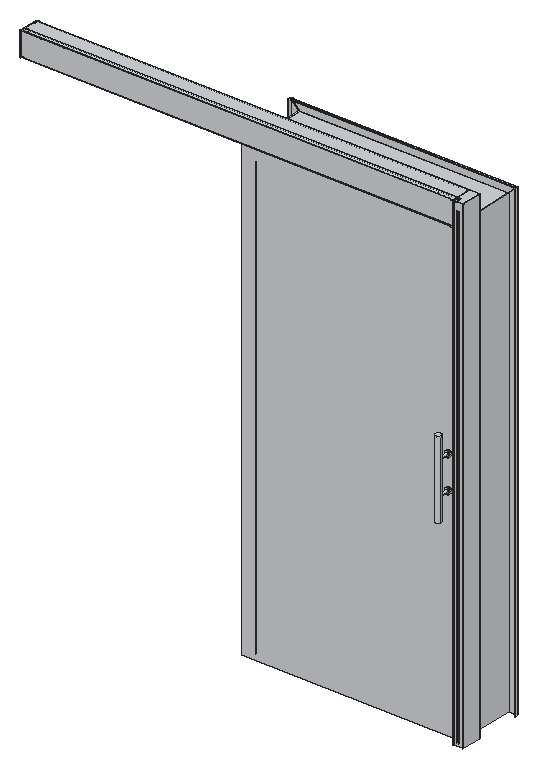
Revit family "R0000106", category Türen, Revit 2021 (continued)
Definition of nested family "BOS-Anschlagprofil-(w)SvdW-D(SK2)_Modell-21"
  Automatic sketch dimensions
    plane 1 "Vorne" to Extrusion 2 sketch curve = 1 mm  (x2)
    plane 3 "LDB links/rechts" to Extrusion 2 sketch curve = 45 mm
    Extrusion 2 sketch curve to Extrusion 2 sketch curve = 1 mm  (x4)
    Extrusion 2 sketch curve to plane 3 "LDB links/rechts" = 0.5 mm  (x2)
    Extrusion 2 sketch curve to Extrusion 2 sketch curve = 93 mm
    Extrusion 2 sketch curve to Extrusion 2 sketch curve = 0 mm
Definition of nested family "JW-Türblatt-Schiebetürzargen_Modell-21"
  Parameters (values of type "JW Typ42 SK2 Professional")
    Default Elevation = 1219.2 mm
    URL = "www.jeld-wen.de"
    Türblattreferenz = 945 mm
    Material - Türgriff = none
    Grifftiefe = 46 mm
    Griffradius = 12.5 mm
    Jeld-Wen Mediaportal = "https://oxomi.com/p/2025099"
    Jeld-Wen Architektenberatung = "Tel.: +49 9082 71333; E-Mail: architekten@jeldwen.com"
    Grifflänge = 350 mm
    Dornmaß = 55 mm
    Griffposition = if(DIN links, Dornmaß, TAB Türblatt Außenmaß Breite - Dornmaß)  # 930 mm
    Griffhöhe = 993 mm
    Führungsnuttiefe = 36 mm
    Griffstange = 1 < 2  # yes
    Türblattstärke = 42 mm
    Türblattabstand unten = 9.5 mm  # constant formula
    TAH Türblatt Außenmaß Höhe = 2110 mm
    TAB Türblatt Außenmaß Breite = 985 mm
    Rechtliche Hinweise = ""
    Model = ""
    Material - Türblatt = none
    Manufacturer = "JELD-WEN Deutschland GmbH & Co. KG"
    Führungsnutbreite = 18 mm
    DIN rechts = yes
    DIN links = no
    Description = "Holztürblatt für Schiebetüren"
    Bekleidung = 1 mm
    Keynote = "JW Türblattmodell"
    Aufdopplungstiefe = 3 mm
    Aufdopplungslage = 240 mm
    Aufdopplungsbreite = 40 mm
    Aufdopplung = yes
  Reference planes
    plane 1: y = 109
    plane 2: z = 0
    plane 3: x = 31
    plane 4: x = 1016
    plane 5: y = 130
    plane 6: y = 88
    plane 7: z = 9.5
    plane 8: z = 2119.5
    plane 9: z = 1002.5
    plane 10 "Griff": x = 961
    plane 11 "LDB links": x = 71
    plane 12: x = 1015
    plane 13: x = 32
  Forms (mm)
    Extrusion 1, solid, material <- "Material - Türblatt", detail levels medium+fine
      sketch origin (0, 0, 0) x (1, 0, 0) y (0, 1, 0)
        loop
          line (31, 130) -> (31, 88) -> (1016, 88) -> (1016, 130) -> (31, 130)
      from 9.5 to 2119.5
    Extrusion 2, void
      sketch origin (31, -12.856, 0) x (0, 1, 0) y (0, 0, 1)
        loop
          line (130.856, 45.5) -> (112.856, 45.5) -> (112.856, 9.5) -> (130.856, 9.5) -> (130.856, 45.5)
      from 1 to 984
    Extrusion 3, solid, material <- "Material - Türblatt", visible <- "Aufdopplung", detail levels fine
      sketch origin (0, 0, 0) x (1, 0, 0) y (0, 1, 0)
        loop
          line (736, 133) -> (736, 130) -> (776, 130) -> (776, 133) -> (736, 133)
      from 9.5 to 2119.5
  Cuts and joins
    Extrusion 2 cuts Extrusion 1
  Dimensions and locks
    "Türblattstärke": plane 5 to plane 6
    "Türblattabstand unten": plane 7 to plane 2
    "TAB Türblatt Außenmaß Breite": plane 3 to plane 4
    "TAH Türblatt Außenmaß Höhe": plane 8 to plane 7
    equal spacing: plane 5, plane 1, plane 6
    "Griffposition": plane 3 to plane 10 "Griff"
    "Türblattreferenz": plane 11 "LDB links" to plane 4
    "Aufdopplungstiefe": Extrusion 3 sketch curve to Extrusion 3 sketch curve
    "Aufdopplungsbreite": Extrusion 3 sketch curve to Extrusion 3 sketch curve
    "Aufdopplungslage": Extrusion 3 to plane 4
    "Griffhöhe": plane 9 to plane 7
    "Führungsnutbreite": Extrusion 2 sketch curve to Extrusion 2 sketch curve
    equal spacing: Extrusion 2 sketch curve, plane 1, Extrusion 2 sketch curve
    "Führungsnuttiefe": Extrusion 2 sketch curve to Extrusion 2 sketch curve
    "Bekleidung": plane 3 to plane 13
    "Bekleidung": plane 12 to plane 4
    aligned and locked: level to plane 2
    aligned and locked: Extrusion 1 sketch curve to plane 4
    aligned and locked: Extrusion 1 sketch curve to plane 5
    aligned and locked: Extrusion 1 sketch curve to plane 6
    aligned and locked: plane 3 to Extrusion 1 sketch curve
    aligned and locked: Extrusion 1 to plane 7
    aligned and locked: Extrusion 1 to plane 8
    aligned and locked: plane 5 to Extrusion 3 sketch curve
    aligned and locked: Extrusion 3 to plane 8
    aligned and locked: plane 7 to Extrusion 2 sketch curve
    aligned and locked: plane 6 to nested 1
    aligned and locked: plane 5 to nested 2
    aligned and locked: nested 2 to plane 10 "Griff"
    aligned and locked: nested 1 to plane 10 "Griff"
    aligned and locked: plane 9 to nested 2
    aligned and locked: plane 9 to nested 1
    aligned and locked: Extrusion 3 to plane 7
    aligned and locked: plane 12 to Extrusion 2
    aligned and locked: Extrusion 2 to plane 13
  Automatic sketch dimensions
    Extrusion 3 sketch curve to plane 10 "Griff" = 225 mm
  Nested families
    nested 1: "JW-Griffstange_Modell-21" at (961, 88, 1002.5), visible <- "Griffstange", type "JW-Griffstange_Modell-21", detail levels fine
      with Grifftiefe 46 mm
    nested 2: "JW-Griffstange_Modell-21" at (961, 130, 1002.5) x (-1, 0, 0) z (0, 0, 1), visible <- "Griffstange", type "JW-Griffstange_Modell-21", detail levels fine
      with Grifftiefe 46 mm
  Definition of nested family "JW-Griffstange_Modell-21"
    Parameters (values of type "JW-Griffstange_Modell-21")
      Default Elevation = 0 mm
      URL = "www.jeld-wen.de"
      Material - Türgriff = none
      Manufacturer = "JELD-WEN Deutschland GmbH & Co. KG"
      Griffradius = 12.5 mm
      Grifflänge = 350 mm
      Grifftiefe = 60 mm
      Model = ""
      Description = "Griffstange"
      Keynote = "JW Modell"
      Jeld-Wen Architektenberatung = "Tel.: +49 9082 71333; E-Mail: architekten@jeldwen.com"
      Jeld-Wen Mediaportal = "https://oxomi.com/p/2025099"
      Abstand = 150 mm
    Reference planes
      plane 1: y = 0
      plane 2: z = 0
      plane 3: x = 0
      plane 4: z = 75
      plane 5: z = -75
      plane 6: y = -60
      plane 7: z = 175
      plane 8: z = -175
    Forms (mm)
      Extrusion 1, solid, material <- "Material - Türgriff"
        sketch origin (0, 0, -30) x (1, 0, 0) y (0, 0, 1)
          loop
            circle (0, 105) r 12.5
          loop
            circle (0, -45) r 12.5
        from 0 to 10
      Extrusion 2, solid, material <- "Material - Türgriff"
        sketch origin (0, 0, 0) x (1, 0, 0) y (0, 1, 0)
          loop
            circle (0, -60) r 12.5
        from -175 to 175
      Extrusion 3, solid, material <- "Material - Türgriff"
        sketch origin (0, 0, 0) x (1, 0, 0) y (0, 0, 1)
          loop
            circle (0, 75) r 5
          loop
            circle (0, -75) r 5
        from 10 to 60
    Cuts and joins
      joined: Extrusion 1, Extrusion 2, Extrusion 3
    Dimensions and locks
      equal spacing: plane 4, plane 2, plane 5
      "Abstand": plane 4 to plane 5
      equal spacing: plane 7, plane 2, plane 8
      "Grifflänge": plane 7 to plane 8
      "Grifftiefe": plane 1 to plane 6
      "Griffradius": radius of Extrusion 2 sketch curve
      "Griffradius": radius of Extrusion 1 sketch curve  (x2)
      aligned and locked: Extrusion 2 to plane 8
      aligned and locked: plane 7 to Extrusion 2
      aligned and locked: plane 6 to Extrusion 3
      aligned and locked: Extrusion 3 to Extrusion 1
    Automatic sketch dimensions
      Extrusion 3 sketch curve to plane 3 = 0 mm  (x2)
      Extrusion 3 sketch curve to plane 5 = 0 mm
      Extrusion 3 sketch curve to plane 4 = 0 mm
      Extrusion 1 sketch curve to plane 3 = 0 mm  (x2)
      Extrusion 1 sketch curve to plane 5 = 0 mm
      Extrusion 1 sketch curve to plane 4 = 0 mm
      Extrusion 2 sketch curve to plane 3 = 0 mm
      plane 6 to Extrusion 2 sketch curve = 0 mm
      radius of Extrusion 3 sketch curve = 5 mm  (x2)
Definition of nested family "BOS-Info-Texte_Beschriftung-21"
  Parameters (values of type "Drückerhöhe Warnung")
    Unten = yes
    Schwarz = yes
    Rot = no
    Oben = no
    Info-Text En unten = "Please take the handle depth/height and/or DIN opening direction into account!"
    Info-Text De unten = "Drückertiefen/-höhen und/oder DIN Richtungen beachten/anpassen!"
    Info-Text En oben = "Kein Text"
    Englisch unten rot = and(and(Unten, Englisch), Rot)  # no
    Englisch unten schwarz = and(and(Unten, Englisch), Schwarz)  # no
    Englisch oben rot = and(and(Oben, Englisch), Rot)  # no
    Englisch oben schwarz = and(and(Oben, Englisch), Schwarz)  # no
    Info-Text De oben = "Kein Text"
    Warndreieck = yes
    Fehlerkreis = no
    Englisch = no
    Deutsch unten rot = and(and(Unten, Deutsch), Rot)  # no
    Deutsch unten schwarz = and(and(Unten, Deutsch), Schwarz)  # yes
    Deutsch oben rot = and(and(Oben, Deutsch), Rot)  # no
    Deutsch oben schwarz = and(and(Oben, Deutsch), Schwarz)  # no
    Deutsch = not(Englisch)  # yes
    Ausrufezeichen = "!"
  Types (15, lengths in mm): name | Unten | Schwarz | Rot | Oben | Info-Text En unten | Info-Text De unten | Info-Text En oben | Info-Text De oben | Warndreieck | Fehlerkreis | Deutsch unten schwarz | Deutsch oben rot | Deutsch oben schwarz
    Rechtliche Hinweise | no | yes | no | yes | "Kein Text" | "Kein Text" | "In accordance with the protection note according to DIN 34, the ownership and copyrights are reserved!\r\n© 2016 BOS GmbH, Emsdetten, Germany -\r\nObserve the ISO 16016 protective label (see ID data)!\r\n\r\nSubject to technical change!" | "Entsprechend dem Schutzvermerk nach DIN 34 behalten wir uns Eigentum und Urheberrecht vor!\r\n© 2016 BOS GmbH, Emsdetten, Deutschland -\r\nSchutzvermerk ISO 16016 beachten (siehe ID-Daten)!\r\n\r\nTechnische Änderungen vorbehalten!" | no | no | no | no | yes
    Maulweite Fehlermeldung | no | yes | no | yes | "Kein Text" | "Kein Text" | "Check the wall thickness!" | "Wandstärke prüfen!" | no | yes | no | no | yes
    Verstellbereich | no | yes | no | yes | "Kein Text" | "Kein Text" | "Adjustment area from -5 to +15mm,\r\nother adjustment areas possible" | "Verstellbereich von -5 bis +15mm\r\nanderer Verstellbereich möglich" | no | no | no | no | yes
    Verstellbereich wSvdW | no | yes | no | yes | "Kein Text" | "Kein Text" | "Adjustment area in the soffit from -2 to +15mm,\r\nother adjustment areas possible" | "Verstellbereich in der Zargenleibung von -2 bis +15mm\r\nanderer Verstellbereich möglich" | no | no | no | no | yes
    Wandartauswahl 15Nz15Z | no | yes | no | yes | "Kein Text" | "Kein Text" | "Attention for stud walls: underlay from site required!\r\nFor DIN door leaves, select larger structural wall measurements.\r\nFor selection \"stud walls\":\r\nsee 'Features' (remove tick for brick walls)" | "Achtung bei Ständerwerk: bauseitige Unterfütterung erforderlich!\r\nBei DIN-Türblatt Rohbaumaße größer wählen.\r\nFür Auswahl \"Ständerwerk\": \r\nsiehe 'Eigenschaften' (Häkchen entfernen bei Mauerwerk)." | no | no | no | no | yes
    Technische Hinweise | no | yes | no | yes | "Kein Text" | "Kein Text" | "Due to manufacturing reasons this Revit family may not be changed\r\nwithout consulting BOS!\r\n\r\nDo not mirror frames (door list)!\r\nsee ‘Features’: DIN left / DIN right\r\n\r\nThe solid and stud walls or, for example, their profiles,\r\nmust be designed so that they can reliably and sustainably\r\nabsorb the static and dynamic forces resulting\r\nfrom the load on the door element used." | "Diese Revit-Familie darf aus fertigungstechnischen Gründen\r\nnicht ohne Rücksprache mit BOS abgeändert werden!\r\n\r\nZargen nicht spiegeln (Türliste)!\r\nsiehe 'Eigenschaften': DIN links / DIN rechts\r\n\r\nDie Massiv- und Ständerwerkswände bzw. deren Profile\r\nmüssen so ausgebildet sein, dass sie die statischen\r\nund dynamischen Kräfte, welche sich aus der Belastung\r\ndes verwendeten Türelements ergeben, zuverlässig\r\nund nachhaltig aufnehmen können." | no | no | no | no | yes
    Drückerhöhe Warnung | yes | yes | no | no | "Please take the handle depth/height and/or DIN opening direction into account!" | "Drückertiefen/-höhen und/oder DIN Richtungen beachten/anpassen!" | "Kein Text" | "Kein Text" | yes | no | yes | no | no
    Maulweite-Dehnungsfuge Fehlermeldung | no | yes | no | yes | "Kein Text" | "Kein Text" | "Check the wall thickness and/or expansion joint!" | "Wandstärke und/oder Dehnungsfuge prüfen!" | no | yes | no | no | yes
    Technische Hinweise Norm | no | yes | no | yes | "Kein Text" | "Kein Text" | "Due to manufacturing reasons this Revit family may not be changed\r\nwithout consulting BOS!\r\n\r\nThe solid and stud walls or, for example, their profiles,\r\nmust be designed so that they can reliably and sustainably\r\nabsorb the static and dynamic forces resulting\r\nfrom the load on the door element used." | "Diese Revit-Familie darf aus fertigungstechnischen Gründen\r\nnicht ohne Rücksprache mit BOS abgeändert werden!\r\n\r\nDie Massiv- und Ständerwerkswände bzw. deren Profile\r\nmüssen so ausgebildet sein, dass sie die statischen\r\nund dynamischen Kräfte, welche sich aus der Belastung\r\ndes verwendeten Türelements ergeben, zuverlässig\r\nund nachhaltig aufnehmen können." | no | no | no | no | yes
    Maßauswahl | no | no | yes | yes | "Kein Text" | "Kein Text" | "To choose  Rebate Width/Height Measurement, Receiving Opening\r\nsee 'Features'" | "Auswahl von FMB, FMH, MW\r\nunter 'Eigenschaften'" | no | no | no | yes | no
    Rohbaumaß Warnung (Spiegelbreiten) | no | yes | no | yes | "Kein Text" | "Kein Text" | "For DIN door leaves, select larger structural wall measurements!\r\nWhen changing the architrave widths, the structural measurements change accordingly." | "Bei DIN-Türblatt Rohbaumaße größer wählen!\r\nBei Änderung der Spiegelbreiten, Rohbaumaße beachten." | no | no | no | no | yes
    Drehpunkt Warnung | no | yes | no | yes | "Kein Text" | "Kein Text" | "The actual pivot point of the door leaf\r\nmay differ from the one illustrated!" | "Der tatsächliche Drehpunkt des Türblattes\r\nkann von der Darstellung abweichen!" | no | no | no | no | yes
    Türblattgewicht Hinweis | no | yes | no | yes | "Kein Text" | "Kein Text" | "Attention! Take door leaf weight into account!\r\nSee Webseite" | "Achtung! Türblattgewicht beachten!\r\nSiehe Webseite" | no | no | no | no | yes
    Pendeltürbänder Hinweis | no | yes | no | yes | "Kein Text" | "Kein Text" | "Please observe the instructions for the double action spring hinges\r\ngiven by the door hinge manufacturer Frivado\r\nregarding door leaf width, height and thickness!" | "Die Angaben zu den Pendeltürbändern\r\ndes Herstellers Fridavo beachten: zu \r\nTürblattbreite, -höhe, -dicke und -gewicht!" | no | no | no | no | yes
    Rohbaumaß Warnung | no | yes | no | yes | "Kein Text" | "Kein Text" | "For DIN door leaves, select larger structural wall measurements!" | "Bei DIN-Türblatt Rohbaumaße größer wählen!" | no | no | no | no | yes
  Reference planes
    plane 1: y = 0.955
    plane 2: x = 0
  Lines and regions (mm)
    Filled region 1, type "Gefüllter Bereich Gelb", visible <- "Warndreieck"
      outline origin (-7.188, 1.747, 0) x (1, 0, 0) y (0, 1, 0)
        loop
          line (5.951, -3.033) -> (8.413, -3.033) -> (7.182, -0.9) -> (5.951, -3.033)
    Filled region 2, type "Gefüllter Bereich Rot", visible <- "Fehlerkreis"
      outline origin (0, -3.763, 0) x (1, 0, 0) y (0, 1, 0)
        loop
          circle (0, 3.1) r 1.5
        loop
          line (-0.937, 3.486) -> (-0.937, 2.686) -> (1.023, 2.686) -> (1.023, 3.486) -> (-0.937, 3.486)
    Filled region 3, type "Gefüllter Bereich Weiss", visible <- "Fehlerkreis"
      outline origin (-7.014, -2.062, 0) x (1, 0, 0) y (0, 1, 0)
        loop
          line (6.077, 1.785) -> (6.077, 0.985) -> (8.038, 0.985) -> (8.038, 1.785) -> (6.077, 1.785)
  Text (mm)
    label "Info-Text De oben schwarz" at (0.065, 1.415, 0), shows "Info-Text De oben", visible <- "Deutsch oben schwarz"
    label "!" at (0.065, -0.414, 0), shows "Ausrufezeichen", visible <- "Warndreieck"
    label "Info-Text En oben schwarz" at (0.065, 1.415, 0), shows "Info-Text En oben", visible <- "Englisch oben schwarz"
    label "Info-Text De unten schwarz" at (0.218, -2.468, 0), shows "Info-Text De unten", visible <- "Deutsch unten schwarz"
    label "Info-Text En unten schwarz" at (0.065, -2.419, 0), shows "Info-Text En unten", visible <- "Englisch unten schwarz"
    label "Info-Text En oben rot" at (0.065, 1.415, 0), shows "Info-Text En oben", visible <- "Englisch oben rot"
    label "Info-Text En unten rot" at (0.065, -2.419, 0), shows "Info-Text En unten", visible <- "Englisch unten rot"
    label "Info-Text De unten rot" at (0.065, -2.419, 0), shows "Info-Text De unten", visible <- "Deutsch unten rot"
    label "Info-Text De oben rot" at (-0.371, 1.396, 0), shows "Info-Text De oben", visible <- "Deutsch oben rot"
Definition of nested family "BOS-verkröpfter-Flachstahlanker-wSvdW_Detail-21"
  Parameters (values of type "BOS-verkröpfter-Flachstahlanker-wSvdW-links_Detail")
    Winkel vertikal = 28 mm
    Winkel horizontal = 20 mm
    Unterfütterungsabstand vorne = Putzwinkel vorne + 30 mm  # 47 mm
    Unterfütterungsabstand hinten = Putzwinkel hinten + 30 mm  # 45 mm
    URL = "www.BestOfSteel.de"
    Rechtliche Hinweise = "www.BestOfSteel.de/tools-downloads/bim-building-information-modeling"
    Putzwinkel vorne = 17 mm
    Technische Infos rund um die Stahlzarge = "www.BestOfSteel.de/tools-downloads/technische-infos-rund-um-die-stahlzarge"
    Putzwinkel hinten = 15 mm
    Manufacturer = "BOS GmbH Best Of Steel, Lütkenfelde 4, D-48282 Emsdetten"
    MW Maulweite = 200 mm
    Einfügepunkt = 32 mm
    Zargenblechstärke = 1.5 mm
    Description = "Verkröpfter Flachstahlanker für 2-schalige Schiebetür vor der Wand"
    Keynote = "BOS Detail"
    BOS-Architekten-Beratung = "Tel.: +49 (0) 2572 203-203; E-Mail: architekten@BestOfSteel.de"
    Ankerlasche vorne oben = 11 mm
    Ankerlasche hinten = MW Maulweite + if([Anker nach unten - links], -8 mm, 2 mm)  # 192 mm
    Ankerhöhe = 17.5 mm
    Ankerlasche vorne unten = 11 mm
    Ankerabstand vorne = if([Anker nach unten - links], 8 mm, 0 mm)  # 8 mm
    Anker nach unten - rechts = not([Anker nach unten - links])  # no
    Anker nach unten - links = yes
  Types (2): name
    BOS-verkröpfter-Flachstahlanker-wSvdW-rechts_Detail
    BOS-verkröpfter-Flachstahlanker-wSvdW-links_Detail
  Reference planes
    plane 1: y = 7.65
    plane 2: z = 0
    plane 3: x = 0
    plane 4: x = 32
    plane 5: y = 222.65
    plane 6: x = 13
    plane 7: y = 37.65
    plane 8: y = 177.65
    plane 9: y = -9.35
    plane 10: y = 106.65
    plane 11: y = 207.65
    plane 12: x = 30.5
    plane 13: x = 29
    plane 14: y = 15.65
    plane 15: y = 26.65
    plane 16: y = 207.65
    plane 17: y = 7.65
    plane 18: y = 18.65
  Lines and regions (mm)
    detail lines, in view "Ref.-Ebene"
      curve 1: line (0, 177.65, 0) -> (13, 177.65, 0)
      curve 2: line (0, 37.65, 0) -> (0, 177.65, 0)
      curve 3: line (13, 37.65, 0) -> (0, 37.65, 0)
      curve 4: line (13, 177.65, 0) -> (13, 37.65, 0)
      curve 5: line (0, 37.65, 0) -> (13, 177.65, 0)
      curve 6: line (0, 177.65, 0) -> (13, 37.65, 0)
      curve 7: arc (13, 19.65, 0) -> (14.172, 16.822, 0) -> (17, 15.65, 0) r 4
      curve 8: arc (16, 19.65, 0) -> (16.293, 18.943, 0) -> (17, 18.65, 0) r 1
      curve 11: line (13, 19.65, 0) -> (13, 207.65, 0)
      curve 12: line (13, 207.65, 0) -> (16, 207.65, 0)
      curve 13: line (16, 207.65, 0) -> (16, 19.65, 0)
      curve 17: line (26.5, 18.65, 0) -> (17, 18.65, 0)
      curve 18: line (26.5, 15.65, 0) -> (17, 15.65, 0)
      curve 24: line (26.5, 186.15, 0) -> (26.5, 216.15, 0)
      curve 25: line (27.5, 216.15, 0) -> (22.5, 216.15, 0)
      curve 26: line (22.5, 216.15, 0) -> (22.5, 221.15, 0)
      curve 27: line (22.5, 221.15, 0) -> (7.5, 221.15, 0)
      curve 28: line (7.5, 221.15, 0) -> (7.5, 191.15, 0)
      curve 29: line (7.5, 191.15, 0) -> (12.5, 196.15, 0)
      curve 30: line (12.5, 196.15, 0) -> (12.5, 216.15, 0)
      curve 31: line (12.5, 216.15, 0) -> (16.5, 216.15, 0)
      curve 32: line (16.5, 216.15, 0) -> (16.5, 196.15, 0)
      curve 33: line (16.5, 196.15, 0) -> (26.5, 186.15, 0)
      curve 34: line (26.5, 186.15, 0) -> (27.5, 186.15, 0)
      curve 35: line (27.5, 186.15, 0) -> (27.5, 216.15, 0)
    detail lines, in view "Ref.-Ebene", visible <- "Anker nach unten - links"
      curve 9: arc (30.5, 14.65, 0) -> (29.328, 17.479, 0) -> (26.5, 18.65, 0) r 4
      curve 10: arc (27.5, 14.65, 0) -> (27.207, 15.357, 0) -> (26.5, 15.65, 0) r 1
      curve 14: line (30.5, 14.65, 0) -> (30.5, 7.65, 0)
      curve 15: line (30.5, 7.65, 0) -> (27.5, 7.65, 0)
      curve 16: line (27.5, 7.65, 0) -> (27.5, 14.65, 0)
    detail lines, in view "Ref.-Ebene", visible <- "Anker nach unten - rechts"
      curve 19: line (30.5, 26.65, 0) -> (30.5, 19.65, 0)
      curve 20: arc (27.5, 19.65, 0) -> (27.207, 18.943, 0) -> (26.5, 18.65, 0) r 1
      curve 21: arc (30.5, 19.65, 0) -> (29.328, 16.822, 0) -> (26.5, 15.65, 0) r 4
      curve 22: line (27.5, 19.65, 0) -> (27.5, 26.65, 0)
      curve 23: line (27.5, 26.65, 0) -> (30.5, 26.65, 0)
    detail lines, in view "Ref.-Ebene", not visible
      curve 36: line (269.765, 541.197, 0) -> (269.765, 571.197, 0)
      curve 37: line (270.765, 571.197, 0) -> (265.765, 571.197, 0)
      curve 38: line (265.765, 571.197, 0) -> (265.765, 576.197, 0)
      curve 39: line (265.765, 576.197, 0) -> (250.765, 576.197, 0)
      curve 40: line (250.765, 576.197, 0) -> (250.765, 546.197, 0)
      curve 41: line (250.765, 546.197, 0) -> (255.765, 551.197, 0)
      curve 42: line (255.765, 551.197, 0) -> (255.765, 571.197, 0)
      curve 43: line (255.765, 571.197, 0) -> (259.765, 571.197, 0)
      curve 44: line (259.765, 571.197, 0) -> (259.765, 551.197, 0)
      curve 45: line (259.765, 551.197, 0) -> (269.765, 541.197, 0)
      curve 46: line (269.765, 541.197, 0) -> (270.765, 541.197, 0)
      curve 47: line (270.765, 541.197, 0) -> (270.765, 571.197, 0)
    reference lines, in view "Ref.-Ebene"
      curve 48: line (7.5, 222.65, 0) -> (29, 222.65, 0)
      curve 49: line (29, 186.15, 0) -> (29, 222.65, 0)
    reference lines, in view "Ref.-Ebene", not visible
      curve 50: line (250.765, 577.697, 0) -> (272.265, 577.697, 0)
      curve 51: line (272.265, 541.197, 0) -> (272.265, 577.697, 0)
  Dimensions and locks
    "Einfügepunkt": plane 3 to plane 4
    "Unterfütterungsabstand hinten": plane 5 to plane 8
    "Putzwinkel vorne": plane 9 to plane 1
    "Unterfütterungsabstand vorne": plane 9 to plane 7
    equal spacing: plane 5, plane 10, plane 9
    "Zargenblechstärke": plane 12 to plane 4
    "Putzwinkel hinten": plane 11 to plane 5
    "Zargenblechstärke": plane 13 to plane 12
    "Ankerhöhe": plane 6 to plane 12
    "MW Maulweite": plane 1 to plane 11
    plane 18 to plane 14 = 3 mm
    "Ankerlasche hinten": plane 16 to plane 14
    "Ankerlasche vorne unten": plane 18 to plane 17
    "Ankerlasche vorne oben": plane 15 to plane 14
    "Ankerabstand vorne": plane 14 to plane 1
    aligned and locked: curve 48 to plane 5
    aligned and locked: curve 49 to plane 13
  Automatic sketch dimensions
    curve 7 to curve 8 = 0 mm  (x2)
    curve 9 to curve 10 = 0 mm  (x2)
    curve 20 to curve 21 = 0 mm
    curve 1 to plane 3 = 0 mm
    curve 6 to plane 6 = 0 mm
    curve 11 to plane 6 = 0 mm
    curve 13 to plane 16 = 0 mm
    curve 18 to plane 14 = 0 mm
    curve 16 to plane 17 = 0 mm
    curve 22 to plane 15 = 0 mm
    curve 15 to plane 12 = 0 mm
    curve 5 to plane 7 = 0 mm
    curve 1 to plane 8 = 0 mm
    plane 13 to curve 10 = 2.5 mm
    curve 20 to curve 20 = 1 mm
    plane 6 to curve 18 = 4 mm
    curve 19 to plane 12 = 0 mm
    curve 48 to curve 49 = 21.5 mm
    curve 49 to curve 48 = 36.5 mm
    curve 50 to curve 51 = 21.5 mm
    curve 51 to curve 50 = 36.5 mm
    curve 28 to curve 30 = 5 mm
    curve 30 to curve 31 = 4 mm
    curve 31 to curve 27 = 6 mm
    curve 32 to curve 24 = 10 mm
    curve 24 to curve 34 = 1 mm
    curve 24 to curve 29 = 5 mm
    curve 28 to curve 29 = 5 mm
    curve 29 to curve 33 = 0 mm
    curve 32 to curve 25 = 20 mm
    curve 31 to curve 25 = 0 mm
    curve 25 to curve 27 = 5 mm
    curve 40 to curve 42 = 5 mm
    curve 42 to curve 43 = 4 mm
    curve 43 to curve 39 = 6 mm
    curve 44 to curve 36 = 10 mm
    curve 36 to curve 46 = 1 mm
    curve 36 to curve 41 = 5 mm
    curve 40 to curve 41 = 5 mm
    curve 41 to curve 45 = 0 mm
    curve 44 to curve 37 = 20 mm
    curve 43 to curve 37 = 0 mm
    curve 37 to curve 39 = 5 mm
Definition of nested family "BOS-Logo_Modell-21"
  Parameters (values of type "BOS-Logo_Modell-21")
    Default Elevation = 0 mm
    URL = "www.BestOfSteel.de"
    Rechtliche Hinweise = "www.BestOfSteel.de/tools-downloads/bim-building-information-modeling/"
    Description = "BOS Logo"
    Keynote = "BOS Logo"
    BOS-Architekten-Beratung = "Tel.: +49 (0) 2572 203-203; E-Mail: architekten@BestOfSteel.de"
    Technische Infos rund um die Stahlzarge = "www.BestOfSteel.de/tools-downloads/technische-infos-rund-um-die-stahlzarge/"
    Abstand vertikal = 10 mm
    Abstand horizontal = 8.5 mm
  Reference planes
    plane 1: y = 0
    plane 2: z = 0
    plane 3: x = 0
    plane 4: x = -7
    plane 5: x = 7
    plane 6: y = 8.299
    plane 7: x = 8.5
    plane 8: y = 4.15
    plane 9: x = -8.5
    plane 10: y = 14.15
    plane 11: y = -5.85
  Dimensions and locks
    plane 4 to plane 3 to plane 5 = 7 mm, 7 mm
    "Abstand vertikal": plane 11 to plane 8 to plane 10
    plane 6 to plane 8 to plane 1 = 4.15 mm, 4.15 mm
    "Abstand horizontal": plane 9 to plane 3
    "Abstand horizontal": plane 3 to plane 7
    aligned and locked: level to plane 2
